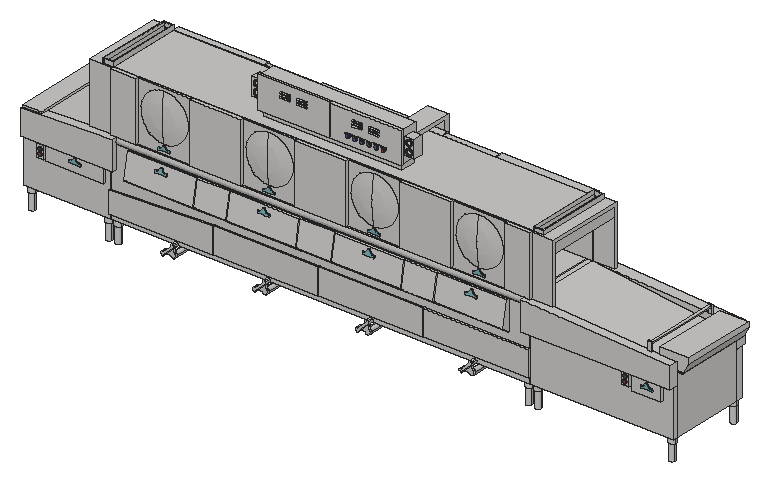
Revit family
Parameters (values of type "208/60/3")
  Weight in Pounds = 0
  Watts = 75000 W
  Waste Water Discharge Temperature [instance] = -459.67 °F
  Volts = 208 V
  Ventilation Remarks [instance] = ""
  Unload Ventilation Remarks [instance] = ""
  Unload Section Width [instance] = if(Custom Unload Width > 5' 0", Custom Unload Width, 5' 0")  # 5' - 0"
  Unload Removable Cover [instance] = yes
  Unload Exhaust Volume = 1000 CFM
  Unload Exhaust Vent Width = 0' - 4"
  Unload Exhaust Vent Depth = 2' - 7 1/4"
  Unload Exhaust Static Press [instance] = 0.00 in-wg
  Unload Exhaust RI Height [instance] = 0' - 0"
  Unload Exhaust Item Number [instance] = "-"
  Unload End Drain [instance] = no
  URL Cutsheet = ""
  URL = "www.stero.com"
  Swing Doors [instance] = no
  Status [instance] = ""
  Standard Doors [instance] = not(Swing Doors)  # yes
  Specification by User [instance] = ""
  Specification by Manufacturer [instance] = ""
  Serial Number [instance] = ""
  Seismic Rating [instance] = ""
  Revision Code [instance] = ""
  Power Wash Width = 3' - 8"  # constant formula
  Power Wash Door [instance] = if(Swing Doors, 3' 0", 1' 10 1/2")  # 1' - 10 1/2"
  Power Scrapper Width = 3' - 8"  # constant formula
  Power Scrapper Door [instance] = if(Swing Doors, 3' 0", 1' 10 1/2")  # 1' - 10 1/2"
  Power Rinse Door [instance] = if(Swing Doors, 3' 0", 1' 10 1/2")  # 1' - 10 1/2"
  Plumbing Remarks [instance] = ""
  Plumbing Connection Type [instance] = ""
  Phase = 3
  ONOFF Switch [instance] = if([30 inch Load], 0' 0", 0' 6")  # 0' - 6"
  Number of Poles [instance] = 3
  No Booster Heater [instance] = not(Booster Heater)  # yes
  NAFEM Spec ID Number [instance] = ""
  Model = "STPCW-ER 176E"
  Masterspec [instance] = ""
  Manufacturer = "Stero"
  Load Section Width [instance] = if([30 inch Load], 2' 6 1/8", if([36 inch Load], 3' 0 1/8", if([48 inch Load], 4' 0 1/8", (Custom Load Width + 0' 0 1/8"))))  # 3' - 0 1/8"
  Load End Drain [instance] = not(Unload End Drain)  # yes
  Item Number [instance] = "-"
  Installed By [instance] = ""
  Indirect Waste Size = 2"
  Indirect Waste Flow [instance] = 0.00 GPM
  Indirect Waste Connection Type [instance] = ""
  Indirect Waste Connection Height = 0' - 7"
  Hot Water Temperature = 140 °F
  Hot Water Size = 1"
  Hot Water RI Height [instance] = 0' - 0"
  Hot Water Minimum Pressure = 20.00 psi
  Hot Water Maximum Pressure = 20.00 psi
  Hot Water Flow [instance] = 0.00 GPM
  Hot Water Consumption = 1.63 GPM
  Hot Water Connection Height = 0' - 6"
  HP = "12"
  Furnished By [instance] = ""
  Foodservice Equipment Identifier [instance] = yes
  Final Rinse Width = 3' - 8"  # constant formula
  Final Rinse 2 Width = 3' - 8"  # constant formula
  Feeder Line 3 = no
  Feeder Line 2 = no
  FL Amps = 182.1 A
  F3 Watts = 0 W
  F3 Volts = 208 V
  F3 Phase = 3
  F3 Number of Poles [instance] = 3
  F3 Item Number [instance] = "-"
  F3 FL Amps = 0 A
  F3 Electrical Remarks [instance] = ""
  F3 Electric Connection Type [instance] = ""
  F3 Elec Conn RI Height [instance] = 0' - 0"
  F3 Elec Conn Connection Height = Elec Conn Connection Height  # 6' - 6"
  F3 Cycle = Cycle  # 60 Hz
  F3 Conn Conduit = yes
  F3 Apparent Power = if(F3 Phase = 3, F3 Volts * F3 FL Amps * 1.73, F3 Volts * F3 FL Amps)  # 0 VA
  F2 Watts = 0 W
  F2 Volts = 208 V
  F2 Phase = 3
  F2 Number of Poles [instance] = 3
  F2 Item Number [instance] = "-"
  F2 FL Amps = 0 A
  F2 Electrical Remarks [instance] = ""
  F2 Electric Connection Type [instance] = ""
  F2 Elec Conn RI Height [instance] = 0' - 0"
  F2 Elec Conn Connection Height = Elec Conn Connection Height  # 6' - 6"
  F2 Cycle = Cycle  # 60 Hz
  F2 Conn Conduit = yes
  F2 Apparent Power = if(F2 Phase = 3, F2 Volts * F2 FL Amps * 1.73, F2 Volts * F2 FL Amps)  # 0 VA
  Exhaust Volume = 500 CFM
  Exhaust Vent Width = 0' - 4"
  Exhaust Vent Depth = 2' - 7 1/4"
  Exhaust Static Press [instance] = 0.00 in-wg
  Exhaust RI Height [instance] = 0' - 0"
  Electrical Remarks [instance] = ""
  Electric Connection Type [instance] = ""
  Elec Conn RI Height [instance] = 0' - 0"
  Elec Conn Connection Height = 6' - 6"
  Description = "Flight Type Dishwasher"
  Depth = 3' - 6"
  Cycle = 60 Hz
  Custom Unload Width [instance] = 5' - 0"
  Custom Load Width [instance] = 4' - 6"
  Conn Conduit = yes
  Cold Water Temperature Recommended [instance] = -459.67 °F
  Cold Water Size [instance] = if(Cold Water Aqua Stat, 0' 0 3/4", 0' 0")  # 0"
  Cold Water RI Height [instance] = 0' - 0"
  Cold Water Minimum Pressure [instance] = 0.00 psi
  Cold Water Maximum Pressure [instance] = 0.00 psi
  Cold Water Flow [instance] = 0.00 GPM
  Cold Water Consumption [instance] = ""
  Cold Water Connection Height [instance] = if(Cold Water Aqua Stat, 0' 6", 0' 0")  # 0' - 0"
  Cold Water Aqua Stat [instance] = no
  CSI MasterFormat = "11 48 13"
  Booster Watts = 24000 W
  Booster Volts = 208 V
  Booster Phase = 3
  Booster Number of Poles [instance] = 3
  Booster Item Number [instance] = "-"
  Booster Heater [instance] = no
  Booster FL Amps = 66.7 A
  Booster Electrical Remarks [instance] = ""
  Booster Electric Connection Type [instance] = ""
  Booster Elec Conn RI Height [instance] = 0' - 0"
  Booster Elec Conn Connection Height = 0' - 11"
  Booster Cycle = 60 Hz
  Booster Conn Conduit = yes
  Booster Apparent Power = if(Booster Phase = 3, Booster Volts * Booster FL Amps * 1.73, Booster Volts * Booster FL Amps)  # 24001.3 VA
  Boosted Plumbing Remarks [instance] = ""
  Boosted Hot Water Temperature = 180 °F
  Boosted Hot Water Size = 3/4"
  Boosted Hot Water RI Height [instance] = 0' - 0"
  Boosted Hot Water Minimum Pressure = 20.00 psi
  Boosted Hot Water Maximum Pressure = 20.00 psi
  Boosted Hot Water Flow [instance] = 0.00 GPM
  Boosted Hot Water Consumption = 1.63 GPM
  Boosted Hot Water Connection Height = 0' - 6"
  Boosted HW Item Number [instance] = "-"
  Assembly Code = "E1090320"
  Apparent Power = if(Phase = 3, Volts * FL Amps * 1.73, Volts * FL Amps)  # 65526.9 VA
  48 inch Load [instance] = no
  36 inch Load [instance] = yes
  30 inch Load [instance] = no
Reference planes (in)
  plane 1 "BACK": y = 0
  plane 2: z = 0
  plane 3 "LEFT": x = -21.27862
  plane 4 "RIGHT": x = 154.72138
  plane 5 "FRONT": y = -42
  plane 6 "Right of Power Scrapper": x = 22.72138
  plane 7 "Right of Power Wash": x = 66.72138
  plane 8 "Load Vent": x = -30.27862
  plane 9 "Unload Vent": x = 163.72138
  plane 10 "Top of Machine": z = 65.5
  plane 11 "Table Height": z = 34
  plane 12 "Bottom of Machine": z = 9
  plane 13 "Middle of Machine": z = 40.625
  plane 14 "Left of Bottom": x = -18.77862
  plane 15 "Right of Bottom": x = 152.22138
  plane 16: z = 38.125
  plane 17: z = 37.75
  plane 18: z = 24.5
  plane 19: z = 22.25
  plane 20: z = 11.5
  plane 21 "Back of Main Body": y = -3
  plane 22 "Front of Main Body": y = -39
  plane 23: x = 0.72138
  plane 24: x = 44.72138
  plane 25: x = 110.72138
  plane 26: x = 33.47138
  plane 27: x = 55.97138
  plane 28 "Front of Inside": y = -37.25
  plane 29 "Back of Inside": y = -6
  plane 30: x = -13.27862
  plane 31: x = 15.72138
  plane 32: x = 15.97138
  plane 33: x = 22.59638
  plane 34: x = 22.84638
  plane 35: x = 66.59638
  plane 36: x = 66.84638
  plane 37: z = 60.25
  plane 38: z = 67.25
  plane 39: x = -21.40362
  plane 40: x = -25.40362
  plane 41: x = 158.84638
  plane 42: x = 154.84638
  plane 43: x = -57.40362
  plane 44: x = -59.90362
  plane 45: x = -58.40362
  plane 46: x = -49.40362
  plane 47: z = 28.5
  plane 48: z = 28
  plane 49: z = 22
  plane 50: x = -47.40362
  plane 51: x = -23.40362
  plane 52: x = -48.40362
  plane 53: x = -51.40362
  plane 54: x = 214.72138
  plane 55: x = 215.72138
  plane 56: x = 217.22138
  plane 57: x = 219.72138
  plane 58: x = 207.72138
  plane 59: x = 203.72138
  plane 60: x = 210.22138
  plane 61: x = 198.22138
  plane 62: x = 196.72138
  plane 63: x = 193.72138
  plane 64: y = -32.5
  plane 65: y = -26.5
  plane 66: x = 37.72138
  plane 67: x = 95.72138
  plane 68: z = 68.5
  plane 69: z = 71.375
  plane 70: z = 78.625
  plane 71: z = 81.5
  plane 72: x = 66.72138
  plane 73: x = 66.59638
  plane 74: x = 66.84638
  plane 75: x = 36.72138
  plane 76: x = 96.72138
  plane 77: x = 100.72138
  plane 78: x = 32.72138
  plane 79 "Back of Elec Box": y = -26
  plane 80: y = -33
  plane 81 "Front of Panel": y = -34
  plane 82: z = 68.25
  plane 83: z = 81.25
  plane 84: x = 36.97138
  plane 85 "Right of Control Box": x = 96.47138
  plane 86 "Front of LR Panels": y = -32.25
  plane 87: y = -28.25
  plane 88 "Drain": z = 7
  plane 89 "Left Drain": x = -39.90362
  plane 90 "Right Drain": x = 207.72138
  plane 91 "Drain CL": y = -20.25
  plane 92 "Utilities": z = 6
  plane 93 "Cold Water": x = -31.27862
  plane 94 "Utility to Machine": y = -16.75
  plane 95 "Utilities Point of Connection": y = -8.5
  plane 96 "Building Hot Water": x = 190.72138
  plane 97: x = 33.72138
  plane 98: x = 44.65888
  plane 99: x = 44.78388
  plane 100: x = 55.72138
  plane 101: x = 46.15888
  plane 102: x = 43.28388
  plane 103 "Standard Door Clearance": z = 93.5
  plane 104: x = 178.72138
  plane 105: x = 88.72138
  plane 106: x = 132.72138
  plane 107: x = 77.47138
  plane 108: x = 99.97138
  plane 109: x = 77.72138
  plane 110: x = 88.65888
  plane 111: x = 88.78388
  plane 112: x = 99.72138
  plane 113: x = 90.15888
  plane 114: x = 87.28388
  plane 115: x = 110.59638
  plane 116: x = 110.84638
  plane 117: x = 121.47138
  plane 118: x = 143.97138
  plane 119: x = 121.72138
  plane 120: x = 132.65888
  plane 121: x = 132.78388
  plane 122: x = 143.72138
  plane 123: x = 134.15888
  plane 124: x = 131.28388
  plane 125: x = -10.52862
  plane 126: x = 11.97138
  plane 127: x = -10.27862
  plane 128: x = 0.65888
  plane 129: x = 0.78388
  plane 130: x = 11.72138
  plane 131: x = 2.15888
  plane 132: x = -0.71612
  plane 133: x = 16.47138
  plane 134: x = 38.97138
  plane 135: x = 91.47138
  plane 136: x = 113.97138
  plane 137: x = 29.72138
  plane 138: x = 58.72138
  plane 139: x = 73.72138
  plane 140: x = 102.72138
  plane 141: x = 116.72138
  plane 142: x = 145.72138
  plane 143: x = 29.47138
  plane 144: x = 58.97138
  plane 145: x = 102.97138
  plane 146: x = 73.47138
  plane 147: x = 116.47138
Forms (in)
  Extrusion 1, solid, material "QF_Finishes_Stainless Steel"
    sketch origin (0, -39, 0) x (1, 0, 0) y (0, 0, 1)
      loop
        line (-21.27862, 9) -> (154.72138, 9) -> (154.72138, 28.5) -> (152.22138, 28.5) -> (152.22138, 38.125) -> (-18.77862, 38.125) -> (-18.77862, 28.5) -> (-21.27862, 28.5) -> (-21.27862, 9)
    from 0 to -36
  Extrusion 2, solid, material "QF_Finishes_Stainless Steel"
    sketch origin (-18.77862, 0, 0) x (0, 1, 0) y (0, 0, 1)
      loop
        line (-3, 40.625) -> (-39, 40.625)
        arc (-39, 40.625) -> (-39.43875, 39.375) -> (-39, 38.125) r 2
        line (-39, 38.125) -> (-3, 38.125) -> (-3, 40.625)
    from 0 to 171
  Extrusion 3, solid, material "QF_Finishes_Stainless Steel"
    sketch origin (0, 0, 65.5) x (0, 1, 0) y (-1, 0, 0)
      loop
        line (-37.25, 21.27862) -> (-39, 21.27862) -> (-39, 10.52862) -> (-37.25, 10.52862) -> (-37.25, 21.27862)
    from 0 to -24.875
  Extrusion 4, solid, material "QF_Finishes_Stainless Steel"
    sketch origin (0, 0, 65.5) x (0, 1, 0) y (-1, 0, 0)
      loop
        line (-37.25, -11.97138) -> (-39, -11.97138) -> (-39, -33.47138) -> (-37.25, -33.47138) -> (-37.25, -11.97138)
    from 0 to -24.875
  Extrusion 5, solid, material "QF_Finishes_Stainless Steel"
    sketch origin (0, 0, 65.5) x (0, 1, 0) y (-1, 0, 0)
      loop
        line (-37.25, -55.97138) -> (-39, -55.97138) -> (-39, -77.47138) -> (-37.25, -77.47138) -> (-37.25, -55.97138)
    from 0 to -24.875
  Extrusion 6, solid, material "QF_Finishes_Stainless Steel"
    sketch origin (0, 0, 65.5) x (0, 1, 0) y (-1, 0, 0)
      loop
        line (-37.25, -143.97138) -> (-39, -143.97138) -> (-39, -154.72138) -> (-37.25, -154.72138) -> (-37.25, -143.97138)
    from 0 to -24.875
  Extrusion 7, solid, material "QF_Finishes_Stainless Steel"
    sketch origin (0, 0, 65.5) x (0, 1, 0) y (-1, 0, 0)
      loop
        line (-3, 21.27862) -> (-6, 21.27862) -> (-6, -16.47138) -> (-3, -16.47138) -> (-3, 21.27862)
    from 0 to -24.875
  Extrusion 8, solid, material "QF_Finishes_Stainless Steel"
    sketch origin (0, 0, 65.5) x (0, 1, 0) y (-1, 0, 0)
      loop
        line (-3, -113.97138) -> (-6, -113.97138) -> (-6, -154.72138) -> (-3, -154.72138) -> (-3, -113.97138)
    from 0 to -24.875
  Extrusion 9, solid, material "QF_Finishes_Stainless Steel"
    sketch origin (0, 0, 65.5) x (0, 1, 0) y (-1, 0, 0)
      loop
        line (-37.25, -33.47138) -> (-38.25, -33.47138) -> (-38.25, -55.97138) -> (-37.25, -55.97138) -> (-37.25, -33.47138)
    from 0 to -24.875
  Revolve 10, solid, material "QF_Finishes_Stainless Steel", visible <- "Standard Doors"
    sketch origin (44.72138, 87.64484, 48) x (0, 1, 0) y (0, 0, 1)
      loop
        line (-125.89484, 6.49826) -> (-125.89484, 16.49826)
        arc (-125.89484, 16.49826) -> (-126.65727, 11.52451) -> (-126.89484, 6.49826) r 48
        line (-126.89484, 6.49826) -> (-125.89484, 6.49826)
      axis (-125.89484, 6.49826) -> (-126.89484, 6.49826)
    angle from 0 to 360
  Extrusion 11, solid, material "QF_Finishes_Stainless Steel"
    sketch origin (-18.77862, 0, 0) x (0, 1, 0) y (0, 0, 1)
      loop
        line (-39, 37.75) -> (-40, 37.75) -> (-42, 27.5) -> (-39, 25.1875) -> (-39, 37.75)
    from 5.5 to 34.5
  Extrusion 12, solid, material "QF_Finishes_Stainless Steel"
    sketch origin (4.47138, 0, 0) x (0, 1, 0) y (0, 0, 1)
      loop
        line (-39, 37.75) -> (-40, 37.75) -> (-42, 27.5) -> (-39, 25.1875) -> (-39, 37.75)
    from 11.5 to 25
  Extrusion 13, solid, material "QF_Finishes_Stainless Steel"
    sketch origin (9.22138, 0, 0) x (0, 1, 0) y (0, 0, 1)
      loop
        line (-39, 37.75) -> (-40, 37.75) -> (-42, 27.5) -> (-39, 25.1875) -> (-39, 37.75)
    from 20.47828 to 49.5
  Extrusion 14, solid, material "QF_Finishes_Stainless Steel"
    sketch origin (33.47138, 0, 0) x (0, 1, 0) y (0, 0, 1)
      loop
        line (-39, 37.75) -> (-40, 37.75) -> (-42, 27.5) -> (-39, 25.1875) -> (-39, 37.75)
    from 25.5 to 40.0625
  Extrusion 15, solid, material "QF_Finishes_Stainless Steel"
    sketch origin (38.47138, 0, 0) x (0, 1, 0) y (0, 0, 1)
      loop
        line (-39, 37.75) -> (-40, 37.75) -> (-42, 27.5) -> (-39, 25.1875) -> (-39, 37.75)
    from 35.25 to 64.25
  Extrusion 16, solid, material "QF_Finishes_Stainless Steel"
    sketch origin (0, -39, 0) x (1, 0, 0) y (0, 0, 1)
      loop
        line (-21.27862, 11.5) -> (22.59638, 11.5) -> (22.59638, 22.25) -> (-21.27862, 20.375) -> (-21.27862, 11.5)
    from 0 to 1
  Extrusion 17, solid, material "QF_Finishes_Stainless Steel"
    sketch origin (0, -39, 0) x (1, 0, 0) y (0, 0, 1)
      loop
        line (22.84638, 22.25) -> (22.84638, 11.5) -> (66.59638, 11.5) -> (66.59638, 22.25) -> (22.84638, 22.25)
    from 0 to 1
  Extrusion 18, solid, material "QF_Finishes_Stainless Steel"
    sketch origin (0, -39, 0) x (1, 0, 0) y (0, 0, 1)
      loop
        line (66.84638, 22.25) -> (66.84638, 11.5) -> (110.59638, 11.5) -> (110.59638, 22.25) -> (66.84638, 22.25)
    from 0 to 1
  Extrusion 19, solid, material "QF_Finishes_Stainless Steel"
    sketch origin (0, 0, 65.5) x (0, 1, 0) y (-1, 0, 0)
      loop
        line (-6, 21.27862) -> (-37.25, 21.27862) -> (-37.25, -154.72138) -> (-6, -154.72138) -> (-6, 21.27862)
    from 0 to -5.25
  Extrusion 20, solid, material "QF_Finishes_Stainless Steel"
    sketch origin (-21.27862, 0, 0) x (0, 1, 0) y (0, 0, 1)
      loop
        line (-5, 65.5) -> (-38.25, 65.5) -> (-38.25, 40.625) -> (-37.25, 40.625) -> (-37.25, 64.125) -> (-6, 64.125) -> (-6, 40.625) -> (-5, 40.625) -> (-5, 65.5)
    from 0 to -9
  Extrusion 21, solid, material "QF_Finishes_Stainless Steel"
    sketch origin (0, 0, 65.5) x (0, 1, 0) y (-1, 0, 0)
      loop
        line (-6, 25.40362) -> (-37.25, 25.40362) -> (-37.25, 21.40362) -> (-6, 21.40362) -> (-6, 25.40362)
      loop
        line (-5.875, 25.52862) -> (-37.375, 25.52862) -> (-37.375, 21.27862) -> (-5.875, 21.27862) -> (-5.875, 25.52862)
    from 0 to 1.75
  Extrusion 22, solid, material "QF_Finishes_Stainless Steel"
    sketch origin (-30.27862, 0, 0) x (0, 1, 0) y (0, 0, 1)
      loop
        line (-6, 64.125) -> (-37.25, 64.125) -> (-37.25, 60.25) -> (-6, 60.25) -> (-6, 64.125)
    from 0 to 1
  Extrusion 23, void
    sketch origin (0, 0, 65.5) x (0, 1, 0) y (-1, 0, 0)
      loop
        line (-6, 25.40362) -> (-37.25, 25.40362) -> (-37.25, 21.40362) -> (-6, 21.40362) -> (-6, 25.40362)
    from 0 to -1.375
  Extrusion 24, solid, material "QF_Finishes_Stainless Steel"
    sketch origin (154.72138, 0, 0) x (0, 1, 0) y (0, 0, 1)
      loop
        line (-5, 40.625) -> (-5, 65.5) -> (-38.25, 65.5) -> (-38.25, 40.625) -> (-37.25, 40.625) -> (-37.25, 64.125) -> (-6, 64.125) -> (-6, 40.625) -> (-5, 40.625)
    from 0 to 9
  Extrusion 25, solid, material "QF_Finishes_Stainless Steel"
    sketch origin (53.44275, 0, 65.5) x (0, 1, 0) y (-1, 0, 0)
      loop
        line (-6, -105.40362) -> (-6, -101.40362) -> (-37.25, -101.40362) -> (-37.25, -105.40362) -> (-6, -105.40362)
      loop
        line (-5.875, -105.52862) -> (-5.875, -101.27862) -> (-37.375, -101.27862) -> (-37.375, -105.52862) -> (-5.875, -105.52862)
    from 0 to 1.75
  Extrusion 26, solid, material "QF_Finishes_Stainless Steel"
    sketch origin (163.72138, 0, 0) x (0, 1, 0) y (0, 0, 1)
      loop
        line (-6, 64.125) -> (-37.25, 64.125) -> (-37.25, 60.25) -> (-6, 60.25) -> (-6, 64.125)
    from 0 to -1
  Extrusion 27, void
    sketch origin (0, 0, 65.5) x (0, 1, 0) y (-1, 0, 0)
      loop
        line (-37.25, -158.84638) -> (-6, -158.84638) -> (-6, -154.84638) -> (-37.25, -154.84638) -> (-37.25, -158.84638)
    from 0 to -1.375
  Extrusion 28, solid, material "QF_Finishes_Light Blue"
    sketch origin (39.64366, -47.17361, 4.34597) x (-1, 0, 0) y (0, 0.195946, 0.980615)
      loop
        line (-47.97691, 30.65632) -> (-46.34507, 30.57309)
        arc (-46.34507, 30.57309) -> (-46.16488, 30.64773) -> (-46.09025, 30.82792) r 0.25483
        line (-46.09025, 30.82792) -> (-46.09025, 31.31285)
        arc (-46.09025, 31.31285) -> (-46.16389, 31.49062) -> (-46.34166, 31.56426) r 0.25142
        arc (-46.34166, 31.56426) -> (-47.48639, 31.7803) -> (-48.16357, 32.72819) r 1.56264
        arc (-48.16357, 32.72819) -> (-48.57772, 33.06213) -> (-49.00787, 32.74907) r 0.43733
        arc (-49.00787, 32.74907) -> (-49.68095, 31.78611) -> (-50.83469, 31.56426) r 1.56264
        arc (-50.83469, 31.56426) -> (-51.01247, 31.49062) -> (-51.08611, 31.31285) r 0.25142
        line (-51.08611, 31.31285) -> (-51.08611, 30.82792)
        arc (-51.08611, 30.82792) -> (-51.01147, 30.64773) -> (-50.83128, 30.57309) r 0.25483
        line (-50.83128, 30.57309) -> (-49.19944, 30.65632)
        arc (-49.19944, 30.65632) -> (-48.58818, 30.6719) -> (-47.97691, 30.65632) r 12
      loop
        line (-3.96605, 30.65632) -> (-2.33421, 30.57309)
        arc (-2.33421, 30.57309) -> (-2.15402, 30.64773) -> (-2.07939, 30.82792) r 0.25483
        line (-2.07939, 30.82792) -> (-2.07939, 31.31285)
        arc (-2.07939, 31.31285) -> (-2.15302, 31.49062) -> (-2.3308, 31.56426) r 0.25142
        arc (-2.3308, 31.56426) -> (-3.47553, 31.7803) -> (-4.1527, 32.72819) r 1.56264
        arc (-4.1527, 32.72819) -> (-4.56686, 33.06213) -> (-4.997, 32.74907) r 0.43733
        arc (-4.997, 32.74907) -> (-5.67009, 31.78611) -> (-6.82383, 31.56426) r 1.56264
        arc (-6.82383, 31.56426) -> (-7.00161, 31.49062) -> (-7.07524, 31.31285) r 0.25142
        line (-7.07524, 31.31285) -> (-7.07524, 30.82792)
        arc (-7.07524, 30.82792) -> (-7.00061, 30.64773) -> (-6.82042, 30.57309) r 0.25483
        line (-6.82042, 30.57309) -> (-5.18858, 30.65632)
        arc (-5.18858, 30.65632) -> (-4.57732, 30.6719) -> (-3.96605, 30.65632) r 12
      loop
        line (39.0339, 30.65632) -> (40.66574, 30.57309)
        arc (40.66574, 30.57309) -> (40.84592, 30.64773) -> (40.92056, 30.82792) r 0.25483
        line (40.92056, 30.82792) -> (40.92056, 31.31285)
        arc (40.92056, 31.31285) -> (40.84692, 31.49062) -> (40.66915, 31.56426) r 0.25142
        arc (40.66915, 31.56426) -> (39.52442, 31.7803) -> (38.84724, 32.72819) r 1.56264
        arc (38.84724, 32.72819) -> (38.43309, 33.06213) -> (38.00294, 32.74907) r 0.43733
        arc (38.00294, 32.74907) -> (37.32986, 31.78611) -> (36.17612, 31.56426) r 1.56264
        arc (36.17612, 31.56426) -> (35.99834, 31.49062) -> (35.9247, 31.31285) r 0.25142
        line (35.9247, 31.31285) -> (35.9247, 30.82792)
        arc (35.9247, 30.82792) -> (35.99934, 30.64773) -> (36.17953, 30.57309) r 0.25483
        line (36.17953, 30.57309) -> (37.81137, 30.65632)
        arc (37.81137, 30.65632) -> (38.42263, 30.6719) -> (39.0339, 30.65632) r 12
      loop
        line (-90.97691, 30.65632) -> (-89.34507, 30.57309)
        arc (-89.34507, 30.57309) -> (-89.16488, 30.64773) -> (-89.09025, 30.82792) r 0.25483
        line (-89.09025, 30.82792) -> (-89.09025, 31.31285)
        arc (-89.09025, 31.31285) -> (-89.16389, 31.49062) -> (-89.34166, 31.56426) r 0.25142
        arc (-89.34166, 31.56426) -> (-90.48639, 31.7803) -> (-91.16357, 32.72819) r 1.56264
        arc (-91.16357, 32.72819) -> (-91.57772, 33.06213) -> (-92.00787, 32.74907) r 0.43733
        arc (-92.00787, 32.74907) -> (-92.68095, 31.78611) -> (-93.83469, 31.56426) r 1.56264
        arc (-93.83469, 31.56426) -> (-94.01247, 31.49062) -> (-94.08611, 31.31285) r 0.25142
        line (-94.08611, 31.31285) -> (-94.08611, 30.82792)
        arc (-94.08611, 30.82792) -> (-94.01147, 30.64773) -> (-93.83128, 30.57309) r 0.25483
        line (-93.83128, 30.57309) -> (-92.19944, 30.65632)
        arc (-92.19944, 30.65632) -> (-91.58818, 30.6719) -> (-90.97691, 30.65632) r 12
    from 0.5 to 0.4375
  Extrusion 29, solid, material "QF_Finishes_Stainless Steel", not visible
    sketch origin (-17.77862, 0, 0) x (0, 1, 0) y (0, 0, 1)
      loop
        line (-39, 37.75) -> (-40, 37.75) -> (-42, 27.5) -> (-39, 25.1875) -> (-39, 37.75)
    from 5.5 to 34.5
  Extrusion 30, solid, material "QF_Finishes_Stainless Steel", not visible
    sketch origin (5.47138, 0, 0) x (0, 1, 0) y (0, 0, 1)
      loop
        line (-39, 37.75) -> (-40, 37.75) -> (-42, 27.5) -> (-39, 25.1875) -> (-39, 37.75)
    from 11.5 to 25
  Extrusion 31, solid, material "QF_Finishes_Stainless Steel", not visible
    sketch origin (10.22138, 0, 0) x (0, 1, 0) y (0, 0, 1)
      loop
        line (-39, 37.75) -> (-40, 37.75) -> (-42, 27.5) -> (-39, 25.1875) -> (-39, 37.75)
    from 20.47828 to 49.5
  Extrusion 32, solid, material "QF_Finishes_Stainless Steel", not visible
    sketch origin (34.47138, 0, 0) x (0, 1, 0) y (0, 0, 1)
      loop
        line (-39, 37.75) -> (-40, 37.75) -> (-42, 27.5) -> (-39, 25.1875) -> (-39, 37.75)
    from 25.5 to 40.0625
  Extrusion 33, solid, material "QF_Finishes_Stainless Steel", not visible
    sketch origin (39.47138, 0, 0) x (0, 1, 0) y (0, 0, 1)
      loop
        line (-39, 37.75) -> (-40, 37.75) -> (-42, 27.5) -> (-39, 25.1875) -> (-39, 37.75)
    from 35.25 to 64.25
  Extrusion 34, solid, material "QF_Finishes_Light Blue", not visible
    sketch origin (40.64366, -47.17361, 4.34597) x (-1, 0, 0) y (0, 0.195946, 0.980615)
      loop
        line (-47.97691, 30.65632) -> (-46.34507, 30.57309)
        arc (-46.34507, 30.57309) -> (-46.16488, 30.64773) -> (-46.09025, 30.82792) r 0.25483
        line (-46.09025, 30.82792) -> (-46.09025, 31.31285)
        arc (-46.09025, 31.31285) -> (-46.16389, 31.49062) -> (-46.34166, 31.56426) r 0.25142
        arc (-46.34166, 31.56426) -> (-47.48639, 31.7803) -> (-48.16357, 32.72819) r 1.56264
        arc (-48.16357, 32.72819) -> (-48.57772, 33.06213) -> (-49.00787, 32.74907) r 0.43733
        arc (-49.00787, 32.74907) -> (-49.68095, 31.78611) -> (-50.83469, 31.56426) r 1.56264
        arc (-50.83469, 31.56426) -> (-51.01247, 31.49062) -> (-51.08611, 31.31285) r 0.25142
        line (-51.08611, 31.31285) -> (-51.08611, 30.82792)
        arc (-51.08611, 30.82792) -> (-51.01147, 30.64773) -> (-50.83128, 30.57309) r 0.25483
        line (-50.83128, 30.57309) -> (-49.19944, 30.65632)
        arc (-49.19944, 30.65632) -> (-48.58818, 30.6719) -> (-47.97691, 30.65632) r 12
      loop
        line (-3.96605, 30.65632) -> (-2.33421, 30.57309)
        arc (-2.33421, 30.57309) -> (-2.15402, 30.64773) -> (-2.07939, 30.82792) r 0.25483
        line (-2.07939, 30.82792) -> (-2.07939, 31.31285)
        arc (-2.07939, 31.31285) -> (-2.15302, 31.49062) -> (-2.3308, 31.56426) r 0.25142
        arc (-2.3308, 31.56426) -> (-3.47553, 31.7803) -> (-4.1527, 32.72819) r 1.56264
        arc (-4.1527, 32.72819) -> (-4.56686, 33.06213) -> (-4.997, 32.74907) r 0.43733
        arc (-4.997, 32.74907) -> (-5.67009, 31.78611) -> (-6.82383, 31.56426) r 1.56264
        arc (-6.82383, 31.56426) -> (-7.00161, 31.49062) -> (-7.07524, 31.31285) r 0.25142
        line (-7.07524, 31.31285) -> (-7.07524, 30.82792)
        arc (-7.07524, 30.82792) -> (-7.00061, 30.64773) -> (-6.82042, 30.57309) r 0.25483
        line (-6.82042, 30.57309) -> (-5.18858, 30.65632)
        arc (-5.18858, 30.65632) -> (-4.57732, 30.6719) -> (-3.96605, 30.65632) r 12
      loop
        line (39.0339, 30.65632) -> (40.66574, 30.57309)
        arc (40.66574, 30.57309) -> (40.84592, 30.64773) -> (40.92056, 30.82792) r 0.25483
        line (40.92056, 30.82792) -> (40.92056, 31.31285)
        arc (40.92056, 31.31285) -> (40.84692, 31.49062) -> (40.66915, 31.56426) r 0.25142
        arc (40.66915, 31.56426) -> (39.52442, 31.7803) -> (38.84724, 32.72819) r 1.56264
        arc (38.84724, 32.72819) -> (38.43309, 33.06213) -> (38.00294, 32.74907) r 0.43733
        arc (38.00294, 32.74907) -> (37.32986, 31.78611) -> (36.17612, 31.56426) r 1.56264
        arc (36.17612, 31.56426) -> (35.99834, 31.49062) -> (35.9247, 31.31285) r 0.25142
        line (35.9247, 31.31285) -> (35.9247, 30.82792)
        arc (35.9247, 30.82792) -> (35.99934, 30.64773) -> (36.17953, 30.57309) r 0.25483
        line (36.17953, 30.57309) -> (37.81137, 30.65632)
        arc (37.81137, 30.65632) -> (38.42263, 30.6719) -> (39.0339, 30.65632) r 12
      loop
        line (-90.97691, 30.65632) -> (-89.34507, 30.57309)
        arc (-89.34507, 30.57309) -> (-89.16488, 30.64773) -> (-89.09025, 30.82792) r 0.25483
        line (-89.09025, 30.82792) -> (-89.09025, 31.31285)
        arc (-89.09025, 31.31285) -> (-89.16389, 31.49062) -> (-89.34166, 31.56426) r 0.25142
        arc (-89.34166, 31.56426) -> (-90.48639, 31.7803) -> (-91.16357, 32.72819) r 1.56264
        arc (-91.16357, 32.72819) -> (-91.57772, 33.06213) -> (-92.00787, 32.74907) r 0.43733
        arc (-92.00787, 32.74907) -> (-92.68095, 31.78611) -> (-93.83469, 31.56426) r 1.56264
        arc (-93.83469, 31.56426) -> (-94.01247, 31.49062) -> (-94.08611, 31.31285) r 0.25142
        line (-94.08611, 31.31285) -> (-94.08611, 30.82792)
        arc (-94.08611, 30.82792) -> (-94.01147, 30.64773) -> (-93.83128, 30.57309) r 0.25483
        line (-93.83128, 30.57309) -> (-92.19944, 30.65632)
        arc (-92.19944, 30.65632) -> (-91.58818, 30.6719) -> (-90.97691, 30.65632) r 12
    from 0.5 to 0.4375
  Extrusion 35, solid, material "QF_Finishes_Stainless Steel"
    sketch origin (0, -37.25, 0) x (1, 0, 0) y (0, 0, 1)
      loop
        line (-57.40362, 28.5) -> (-18.77862, 28.5) -> (-18.77862, 40.625) -> (-57.40362, 38.75) -> (-57.40362, 28.5)
    from 0 to 3.75
  Extrusion 36, solid, material "QF_Finishes_Stainless Steel"
    sketch origin (0, -6, 0) x (1, 0, 0) y (0, 0, 1)
      loop
        line (-57.40362, 28.5) -> (-18.77862, 28.5) -> (-18.77862, 40.625) -> (-57.40362, 38.75) -> (-57.40362, 28.5)
    from 0 to -4.5
  Extrusion 37, solid, material "QF_Finishes_Stainless Steel"
    sketch origin (0, -6, 0) x (1, 0, 0) y (0, 0, 1)
      loop
        line (-57.40362, 34) -> (-59.90362, 34) -> (-59.90362, 33.875) -> (-57.40362, 33.875) -> (-57.40362, 34)
    from 0 to 31.25
  Extrusion 38, solid, material "QF_Finishes_Stainless Steel"
    sketch origin (0, -6, 0) x (1, 0, 0) y (0, 0, 1)
      loop
        line (-57.40362, 33.875) -> (-58.40362, 33.875) -> (-58.40362, 32.5) -> (-57.40362, 32.5) -> (-57.40362, 33.875)
    from 3.5 to 29.25
  Extrusion 39, solid, material "QF_Finishes_Stainless Steel"
    sketch origin (0, -6, 0) x (1, 0, 0) y (0, 0, 1)
      loop
        line (-57.40362, 32) -> (-58.40362, 32) -> (-58.40362, 28) -> (-57.40362, 28) -> (-57.40362, 32)
    from 3.5 to 29.25
  Extrusion 40, solid, material "QF_Finishes_Stainless Steel"
    sketch origin (0, -6, 0) x (1, 0, 0) y (0, 0, 1)
      loop
        line (-18.77862, 40.625) -> (-21.27862, 40.625) -> (-57.40362, 34) -> (-57.40362, 9) -> (-21.27862, 9) -> (-21.27862, 28.5) -> (-18.77862, 28.5) -> (-18.77862, 40.625)
    from 0 to 31.25
  Extrusion 41, solid, material "QF_Finishes_Stainless Steel"
    sketch origin (0, -6, 0) x (1, 0, 0) y (0, 0, 1)
      loop
        line (-57.40362, 38.75) -> (-49.40362, 39.13835) -> (-49.40362, 39.88923) -> (-57.40362, 39.50088) -> (-57.40362, 38.75)
    from -2.625 to 33.875
  Extrusion 42, solid, material "QF_Finishes_Stainless Steel"
    sketch origin (0, -37.25, 0) x (1, 0, 0) y (0, 0, 1)
      loop
        line (-57.40362, 9) -> (-21.27862, 9) -> (-21.27862, 28.5) -> (-57.40362, 28.5) -> (-57.40362, 9)
    from 0 to 1.75
  Extrusion 43, solid, material "QF_Finishes_Stainless Steel"
    sketch origin (0, -6, 0) x (1, 0, 0) y (0, 0, 1)
      loop
        line (-57.40362, 28.5) -> (-57.40362, 9) -> (-21.27862, 9) -> (-21.27862, 28.5) -> (-57.40362, 28.5)
    from 0 to -3
  Extrusion 44, solid, material "QF_Finishes_Stainless Steel"
    sketch origin (0, -37.25, 0) x (1, 0, 0) y (0, 0, 1)
      loop
        line (-47.40362, 28) -> (-47.40362, 22) -> (-23.40362, 22) -> (-23.40362, 28) -> (-47.40362, 28)
    from 1.75 to 2.75
  Extrusion 45, solid, material "QF_Finishes_Light Blue"
    sketch origin (-63.60634, -40.5, -5.56213) x (-1, 0, 0) y (0, 0, 1)
      loop
        line (-27.5911, 30.65632) -> (-25.95926, 30.57309)
        arc (-25.95926, 30.57309) -> (-25.77908, 30.64773) -> (-25.70444, 30.82792) r 0.25483
        line (-25.70444, 30.82792) -> (-25.70444, 31.31285)
        arc (-25.70444, 31.31285) -> (-25.77808, 31.49062) -> (-25.95585, 31.56426) r 0.25142
        arc (-25.95585, 31.56426) -> (-27.10058, 31.7803) -> (-27.77776, 32.72819) r 1.56264
        arc (-27.77776, 32.72819) -> (-28.19191, 33.06213) -> (-28.62206, 32.74907) r 0.43733
        arc (-28.62206, 32.74907) -> (-29.29514, 31.78611) -> (-30.44888, 31.56426) r 1.56264
        arc (-30.44888, 31.56426) -> (-30.62666, 31.49062) -> (-30.7003, 31.31285) r 0.25142
        line (-30.7003, 31.31285) -> (-30.7003, 30.82792)
        arc (-30.7003, 30.82792) -> (-30.62566, 30.64773) -> (-30.44547, 30.57309) r 0.25483
        line (-30.44547, 30.57309) -> (-28.81363, 30.65632)
        arc (-28.81363, 30.65632) -> (-28.20237, 30.6719) -> (-27.5911, 30.65632) r 12
    from 0.5 to 0.4375
  Extrusion 46, solid, material "QF_Finishes_Stainless Steel"
    sketch origin (0, -37.25, 0) x (1, 0, 0) y (0, 0, 1)
      loop
        line (-48.40362, 22.25) -> (-48.40362, 27.25) -> (-51.40362, 27.25) -> (-51.40362, 22.25) -> (-48.40362, 22.25)
    from 1.75 to 2.75
  Extrusion 47, solid, material "QF_Finishes_Black"
    sketch origin (0, -37.25, 0) x (1, 0, 0) y (0, 0, 1)
      loop
        circle (-49.90362, 25.75) r 0.75
    from 2.75 to 2.8125
  Extrusion 48, solid, material "QF_Finishes_LED Red"
    sketch origin (0, -37.25, -2) x (1, 0, 0) y (0, 0, 1)
      loop
        circle (-49.90362, 25.75) r 0.75
    from 2.75 to 2.8125
  Extrusion 49, solid, material "QF_Finishes_Stainless Steel"
    sketch origin (101.31775, -37.25, 0) x (-1, 0, 0) y (0, 0, -1)
      loop
        line (-113.40362, -28.5) -> (-113.40362, -37.5) -> (-50.90362, -40.625) -> (-50.90362, -28.5) -> (-113.40362, -28.5)
    from 0 to 3.75
  Extrusion 50, solid, material "QF_Finishes_Stainless Steel"
    sketch origin (101.31775, -6, 0) x (-1, 0, 0) y (0, 0, -1)
      loop
        line (-113.40362, -28.5) -> (-113.40362, -37.5) -> (-50.90362, -40.625) -> (-50.90362, -28.5) -> (-113.40362, -28.5)
    from 0 to -4.5
  Extrusion 51, solid, material "QF_Finishes_Stainless Steel"
    sketch origin (101.31775, -6, 0) x (-1, 0, 0) y (0, 0, -1)
      loop
        line (-113.40362, -34) -> (-113.40362, -33.875) -> (-115.90362, -33.875) -> (-115.90362, -34) -> (-113.40362, -34)
    from 0 to 31.25
  Extrusion 52, solid, material "QF_Finishes_Stainless Steel"
    sketch origin (101.31775, -6, 0) x (-1, 0, 0) y (0, 0, -1)
      loop
        line (-113.40362, -33.875) -> (-113.40362, -32.5) -> (-114.40362, -32.5) -> (-114.40362, -33.875) -> (-113.40362, -33.875)
    from 3.5 to 29.25
  Extrusion 53, solid, material "QF_Finishes_Stainless Steel"
    sketch origin (101.31775, -6, 0) x (-1, 0, 0) y (0, 0, -1)
      loop
        line (-50.90362, -40.625) -> (-50.90362, -28.5) -> (-53.40362, -28.5) -> (-53.40362, -9) -> (-113.40362, -9) -> (-113.40362, -34) -> (-53.40362, -40.625) -> (-50.90362, -40.625)
    from 0 to 31.25
  Extrusion 54, solid, material "QF_Finishes_Stainless Steel"
    sketch origin (101.31775, -37.25, 0) x (-1, 0, 0) y (0, 0, -1)
      loop
        line (-113.40362, -9) -> (-113.40362, -28.5) -> (-53.40362, -28.5) -> (-53.40362, -9) -> (-113.40362, -9)
    from 0 to 1.75
  Extrusion 55, solid, material "QF_Finishes_Stainless Steel"
    sketch origin (101.31775, -6, 0) x (-1, 0, 0) y (0, 0, -1)
      loop
        line (-113.40362, -28.5) -> (-53.40362, -28.5) -> (-53.40362, -9) -> (-113.40362, -9) -> (-113.40362, -28.5)
    from 0 to -3
  Extrusion 56, solid, material "QF_Finishes_Stainless Steel", visible <- "Unload Removable Cover"
    sketch origin (0, -6, 0) x (1, 0, 0) y (0, 0, 1)
      loop
        line (219.72138, 40.625) -> (207.72138, 40.625) -> (207.72138, 34.5) -> (217.72138, 34.5) -> (219.72138, 38.125) -> (219.72138, 40.625)
    from 0 to 31.25
  Extrusion 57, solid, material "QF_Finishes_Stainless Steel"
    sketch origin (0, -6, 0) x (1, 0, 0) y (0, 0, 1)
      loop
        line (204.47138, 41.5) -> (202.97138, 41.5) -> (202.97138, 38.0875) -> (204.47138, 38.0125) -> (204.47138, 41.5)
    from 0 to -0.5
  Extrusion 58, solid, material "QF_Finishes_Stainless Steel"
    sketch origin (0, -37.25, 0) x (1, 0, 0) y (0, 0, 1)
      loop
        line (202.97138, 41.5) -> (202.97138, 38.0875) -> (204.47138, 38.0125) -> (204.47138, 41.5) -> (202.97138, 41.5)
    from 0 to 0.5
  Extrusion 59, solid, material "QF_Finishes_Stainless Steel"
    sketch origin (0, -6, 0) x (1, 0, 0) y (0, 0, 1)
      loop
        circle (203.72138, 40.75) r 0.5
    from 0 to 31.25
  Extrusion 60, solid, material "QF_Finishes_Stainless Steel"
    sketch origin (0, -37.25, 0) x (1, 0, 0) y (0, 0, 1)
      loop
        line (198.22138, 28) -> (198.22138, 22) -> (210.22138, 22) -> (210.22138, 28) -> (198.22138, 28)
    from 1.75 to 2.75
  Extrusion 61, solid, material "QF_Finishes_Light Blue"
    sketch origin (120.01866, -40.5, -6.06213) x (-1, 0, 0) y (0, 0, 1)
      loop
        line (-83.5911, 30.65632) -> (-81.95926, 30.57309)
        arc (-81.95926, 30.57309) -> (-81.77908, 30.64773) -> (-81.70444, 30.82792) r 0.25483
        line (-81.70444, 30.82792) -> (-81.70444, 31.31285)
        arc (-81.70444, 31.31285) -> (-81.77808, 31.49062) -> (-81.95585, 31.56426) r 0.25142
        arc (-81.95585, 31.56426) -> (-83.10058, 31.7803) -> (-83.77776, 32.72819) r 1.56264
        arc (-83.77776, 32.72819) -> (-84.19191, 33.06213) -> (-84.62206, 32.74907) r 0.43733
        arc (-84.62206, 32.74907) -> (-85.29514, 31.78611) -> (-86.44888, 31.56426) r 1.56264
        arc (-86.44888, 31.56426) -> (-86.62666, 31.49062) -> (-86.7003, 31.31285) r 0.25142
        line (-86.7003, 31.31285) -> (-86.7003, 30.82792)
        arc (-86.7003, 30.82792) -> (-86.62566, 30.64773) -> (-86.44547, 30.57309) r 0.25483
        line (-86.44547, 30.57309) -> (-84.81363, 30.65632)
        arc (-84.81363, 30.65632) -> (-84.20237, 30.6719) -> (-83.5911, 30.65632) r 12
    from 0.5 to 0.4375
  Extrusion 62, solid, material "QF_Finishes_Stainless Steel"
    sketch origin (189.125, -37.25, 0.75) x (1, 0, 0) y (0, 0, 1)
      loop
        line (7.59638, 22.25) -> (7.59638, 27.25) -> (4.59638, 27.25) -> (4.59638, 22.25) -> (7.59638, 22.25)
    from 1.75 to 2.75
  Extrusion 63, solid, material "QF_Finishes_Black"
    sketch origin (189.125, -37.25, 0.75) x (1, 0, 0) y (0, 0, 1)
      loop
        circle (6.09638, 25.75) r 0.75
    from 2.75 to 2.8125
  Extrusion 64, solid, material "QF_Finishes_LED Red"
    sketch origin (189.125, -37.25, -1.25) x (1, 0, 0) y (0, 0, 1)
      loop
        circle (6.09638, 25.75) r 0.75
    from 2.75 to 2.8125
  Extrusion 65, solid, material "QF_Finishes_Stainless Steel"
    sketch origin (0, 0, 0) x (1, 0, 0) y (0, 1, 0)
      loop
        circle (-55.46612, -4.9375) r 1.1875
    from 0 to 6.75
  Extrusion 66, solid, material "QF_Finishes_Stainless Steel"
    sketch origin (0, 0, 0) x (1, 0, 0) y (0, 1, 0)
      loop
        circle (-55.46612, -4.9375) r 1.4375
    from 6.75 to 9
  Extrusion 67, solid, material "QF_Finishes_Stainless Steel"
    sketch origin (0, -30.25, 0) x (1, 0, 0) y (0, 1, 0)
      loop
        circle (-55.46612, -6.8125) r 1.1875
    from 0 to 6.75
  Extrusion 68, solid, material "QF_Finishes_Stainless Steel"
    sketch origin (0, -30.25, 0) x (1, 0, 0) y (0, 1, 0)
      loop
        circle (-55.46612, -6.8125) r 1.4375
    from 6.75 to 9
  Extrusion 69, solid, material "QF_Finishes_Stainless Steel"
    sketch origin (31.25, 0, 0) x (1, 0, 0) y (0, 1, 0)
      loop
        circle (-54.46612, -4.9375) r 1.1875
    from 0 to 6.75
  Extrusion 70, solid, material "QF_Finishes_Stainless Steel"
    sketch origin (31.25, 0, 0) x (1, 0, 0) y (0, 1, 0)
      loop
        circle (-54.46612, -4.9375) r 1.4375
    from 6.75 to 9
  Extrusion 71, solid, material "QF_Finishes_Stainless Steel"
    sketch origin (31.25, -30.25, 0) x (1, 0, 0) y (0, 1, 0)
      loop
        circle (-54.46612, -6.8125) r 1.1875
    from 0 to 6.75
  Extrusion 72, solid, material "QF_Finishes_Stainless Steel"
    sketch origin (31.25, -30.25, 0) x (1, 0, 0) y (0, 1, 0)
      loop
        circle (-54.46612, -6.8125) r 1.4375
    from 6.75 to 9
  Extrusion 73, solid, material "QF_Finishes_Stainless Steel"
    sketch origin (-73.80725, 0, 0) x (-1, 0, 0) y (0, -1, 0)
      loop
        circle (-54.46612, 4.9375) r 1.1875
    from 0 to 6.75
  Extrusion 74, solid, material "QF_Finishes_Stainless Steel"
    sketch origin (-73.80725, 0, 0) x (-1, 0, 0) y (0, -1, 0)
      loop
        circle (-54.46612, 4.9375) r 1.4375
    from 6.75 to 9
  Extrusion 75, solid, material "QF_Finishes_Stainless Steel"
    sketch origin (-73.80725, -30.25, 0) x (-1, 0, 0) y (0, -1, 0)
      loop
        circle (-54.46612, 6.8125) r 1.1875
    from 0 to 6.75
  Extrusion 76, solid, material "QF_Finishes_Stainless Steel"
    sketch origin (-73.80725, -30.25, 0) x (-1, 0, 0) y (0, -1, 0)
      loop
        circle (-54.46612, 6.8125) r 1.4375
    from 6.75 to 9
  Extrusion 77, solid, material "QF_Finishes_Stainless Steel"
    sketch origin (151.25, 0, 0) x (1, 0, 0) y (0, 1, 0)
      loop
        circle (1.53388, -4.9375) r 1.1875
    from 0 to 6.75
  Extrusion 78, solid, material "QF_Finishes_Stainless Steel"
    sketch origin (151.25, 0, 0) x (1, 0, 0) y (0, 1, 0)
      loop
        circle (1.53388, -4.9375) r 1.4375
    from 6.75 to 9
  Extrusion 79, solid, material "QF_Finishes_Stainless Steel"
    sketch origin (151.25, -30.25, 0) x (1, 0, 0) y (0, 1, 0)
      loop
        circle (1.53388, -6.8125) r 1.1875
    from 0 to 6.75
  Extrusion 80, solid, material "QF_Finishes_Stainless Steel"
    sketch origin (151.25, -30.25, 0) x (1, 0, 0) y (0, 1, 0)
      loop
        circle (1.53388, -6.8125) r 1.4375
    from 6.75 to 9
  Extrusion 81, solid, material "QF_Finishes_Stainless Steel"
    sketch origin (46.19275, 0, 0) x (-1, 0, 0) y (0, -1, 0)
      loop
        circle (-110.46612, 4.9375) r 1.1875
    from 0 to 6.75
  Extrusion 82, solid, material "QF_Finishes_Stainless Steel"
    sketch origin (46.19275, 0, 0) x (-1, 0, 0) y (0, -1, 0)
      loop
        circle (-110.46612, 4.9375) r 1.4375
    from 6.75 to 9
  Extrusion 83, solid, material "QF_Finishes_Stainless Steel"
    sketch origin (46.19275, -30.25, 0) x (-1, 0, 0) y (0, -1, 0)
      loop
        circle (-110.46612, 6.8125) r 1.1875
    from 0 to 6.75
  Extrusion 84, solid, material "QF_Finishes_Stainless Steel"
    sketch origin (46.19275, -30.25, 0) x (-1, 0, 0) y (0, -1, 0)
      loop
        circle (-110.46612, 6.8125) r 1.4375
    from 6.75 to 9
  Extrusion 85, solid, material "QF_Finishes_Stainless Steel"
    sketch origin (211.25, 0, 0) x (1, 0, 0) y (0, 1, 0)
      loop
        circle (1.53388, -4.9375) r 1.1875
    from 0 to 6.75
  Extrusion 86, solid, material "QF_Finishes_Stainless Steel"
    sketch origin (211.25, 0, 0) x (1, 0, 0) y (0, 1, 0)
      loop
        circle (1.53388, -4.9375) r 1.4375
    from 6.75 to 9
  Extrusion 87, solid, material "QF_Finishes_Stainless Steel"
    sketch origin (211.25, -30.25, 0) x (1, 0, 0) y (0, 1, 0)
      loop
        circle (1.53388, -6.8125) r 1.1875
    from 0 to 6.75
  Extrusion 88, solid, material "QF_Finishes_Stainless Steel"
    sketch origin (211.25, -30.25, 0) x (1, 0, 0) y (0, 1, 0)
      loop
        circle (1.53388, -6.8125) r 1.4375
    from 6.75 to 9
  Extrusion 89, solid, material "QF_Finishes_Stainless Steel"
    sketch origin (28, 0, 65.5) x (0, 1, 0) y (-1, 0, 0)
      loop
        line (-26.5, -9.72138) -> (-32.5, -9.72138) -> (-32.5, -67.72138) -> (-26.5, -67.72138) -> (-26.5, -9.72138)
    from 0 to 3
  Extrusion 90, solid, material "QF_Finishes_Stainless Steel"
    sketch origin (28, 0, 65.5) x (0, 1, 0) y (-1, 0, 0)
      loop
        line (-26, -8.97138) -> (-33, -8.97138) -> (-33, -68.47138) -> (-26, -68.47138) -> (-26, -8.97138)
    from 3 to 15.75
  Extrusion 91, solid, material "QF_Finishes_Stainless Steel"
    sketch origin (28, 0, 65.5) x (0, 1, 0) y (-1, 0, 0)
      loop
        line (-33, -8.72138) -> (-34, -8.72138) -> (-34, -38.59638) -> (-33, -38.59638) -> (-33, -8.72138)
    from 2.75 to 16
  Extrusion 92, solid, material "QF_Finishes_Stainless Steel"
    sketch origin (28, 0, 65.5) x (0, 1, 0) y (-1, 0, 0)
      loop
        line (-33, -38.84638) -> (-34, -38.84638) -> (-34, -68.72138) -> (-33, -68.72138) -> (-33, -38.84638)
    from 2.75 to 16
  Extrusion 93, solid, material "QF_Finishes_Stainless Steel"
    sketch origin (28, 0, 65.5) x (0, 1, 0) y (-1, 0, 0)
      loop
        line (-28.25, -4.72138) -> (-32.25, -4.72138) -> (-32.25, -8.97138) -> (-28.25, -8.97138) -> (-28.25, -4.72138)
    from 5.875 to 13.125
  Extrusion 94, solid, material "QF_Finishes_Stainless Steel"
    sketch origin (28, 0, 65.5) x (0, 1, 0) y (-1, 0, 0)
      loop
        line (-28.25, -68.47138) -> (-32.25, -68.47138) -> (-32.25, -72.72138) -> (-28.25, -72.72138) -> (-28.25, -68.47138)
    from 5.875 to 13.125
  Extrusion 95, solid, material "QF_Finishes_Black"
    sketch origin (28, -32.25, 0) x (1, 0, 0) y (0, 0, 1)
      loop
        circle (6.84638, 76.75) r 1.25
      loop
        circle (6.84638, 76.75) r 1
    from 0 to 0.25
  Extrusion 96, solid, material "QF_Finishes_White"
    sketch origin (28, -32.25, 0) x (1, 0, 0) y (0, 0, 1)
      loop
        circle (6.84638, 76.75) r 1
    from 0 to 0.0625
  Extrusion 97, solid, material "QF_Finishes_Black"
    sketch origin (61.66291, -34, -18.39967) x (1, 0, 0) y (0, 0, 1)
      loop
        line (19.62096, 91.02467) -> (17.62096, 91.02467) -> (17.62096, 90.77467) -> (19.62096, 90.77467) -> (19.62096, 91.02467)
      loop
        line (16.62096, 91.02467) -> (14.62096, 91.02467) -> (14.62096, 90.77467) -> (16.62096, 90.77467) -> (16.62096, 91.02467)
      loop
        line (20.62096, 91.02467) -> (20.62096, 90.77467) -> (22.62096, 90.77467) -> (22.62096, 91.02467) -> (20.62096, 91.02467)
      loop
        line (23.62096, 91.02467) -> (23.62096, 90.77467) -> (25.62096, 90.77467) -> (25.62096, 91.02467) -> (23.62096, 91.02467)
      loop
        line (13.62096, 91.02467) -> (11.62096, 91.02467) -> (11.62096, 90.77467) -> (13.62096, 90.77467) -> (13.62096, 91.02467)
      loop
        line (26.62096, 91.02467) -> (26.62096, 90.77467) -> (28.62096, 90.77467) -> (28.62096, 91.02467) -> (26.62096, 91.02467)
    from 0 to 0.25
  Extrusion 98, solid, material "QF_Finishes_Navy Blue"
    sketch origin (62.03783, -34, -18.39967) x (1, 0, 0) y (0, 0, 1)
      loop
        circle (15.24605, 89.89967) r 0.625
    from 0.125 to 0.375
  Extrusion 99, solid, material "QF_Finishes_Navy Blue"
    sketch origin (62.03783, -34, -18.39967) x (1, 0, 0) y (0, 0, 1)
      loop
        circle (18.24605, 89.89967) r 0.625
    from 0.125 to 0.375
  Extrusion 100, solid, material "QF_Finishes_LED Green"
    sketch origin (62.03783, -34, -18.39967) x (1, 0, 0) y (0, 0, 1)
      loop
        circle (21.24605, 89.89967) r 0.625
    from 0.125 to 0.375
  Extrusion 101, solid, material "QF_Finishes_Navy Blue"
    sketch origin (62.03783, -34, -18.39967) x (1, 0, 0) y (0, 0, 1)
      loop
        circle (24.24605, 89.89967) r 0.625
    from 0.125 to 0.375
  Extrusion 102, solid, material "QF_Finishes_Black"
    sketch origin (62.03783, -34, -18.39967) x (1, 0, 0) y (0, 0, 1)
      loop
        line (15.99605, 89.89967) -> (15.99605, 90.77467) -> (14.49605, 90.77467) -> (14.49605, 89.89967)
        arc (14.49605, 89.89967) -> (15.24605, 89.14967) -> (15.99605, 89.89967) r 0.75
      loop
        line (18.99605, 89.89967) -> (18.99605, 90.77467) -> (17.49605, 90.77467) -> (17.49605, 89.89967)
        arc (17.49605, 89.89967) -> (18.24605, 89.14967) -> (18.99605, 89.89967) r 0.75
      loop
        line (21.99605, 89.89967) -> (21.99605, 90.77467) -> (20.49605, 90.77467) -> (20.49605, 89.89967)
        arc (20.49605, 89.89967) -> (21.24605, 89.14967) -> (21.99605, 89.89967) r 0.75
      loop
        line (24.99605, 89.89967) -> (24.99605, 90.77467) -> (23.49605, 90.77467) -> (23.49605, 89.89967)
        arc (23.49605, 89.89967) -> (24.24605, 89.14967) -> (24.99605, 89.89967) r 0.75
      loop
        line (12.99605, 89.89967) -> (12.99605, 90.77467) -> (11.49605, 90.77467) -> (11.49605, 89.89967)
        arc (11.49605, 89.89967) -> (12.24605, 89.14967) -> (12.99605, 89.89967) r 0.75
      loop
        line (27.99605, 89.89967) -> (27.99605, 90.77467) -> (26.49605, 90.77467) -> (26.49605, 89.89967)
        arc (26.49605, 89.89967) -> (27.24605, 89.14967) -> (27.99605, 89.89967) r 0.75
    from 0 to 0.125
  Extrusion 103, solid, material "QF_Finishes_Black"
    sketch origin (28, -32.25, -3.5) x (1, 0, 0) y (0, 0, 1)
      loop
        circle (6.84638, 76.75) r 1.25
      loop
        circle (6.84638, 76.75) r 1
    from 0 to 0.25
  Extrusion 104, solid, material "QF_Finishes_White"
    sketch origin (28, -32.25, -3.5) x (1, 0, 0) y (0, 0, 1)
      loop
        circle (6.84638, 76.75) r 1
    from 0 to 0.0625
  Extrusion 105, solid, material "QF_Finishes_Black"
    sketch origin (91.875, -32.25, 0) x (1, 0, 0) y (0, 0, 1)
      loop
        circle (6.84638, 76.75) r 1.25
      loop
        circle (6.84638, 76.75) r 1
    from 0 to 0.25
  Extrusion 106, solid, material "QF_Finishes_White"
    sketch origin (91.875, -32.25, 0) x (1, 0, 0) y (0, 0, 1)
      loop
        circle (6.84638, 76.75) r 1
    from 0 to 0.0625
  Extrusion 107, solid, material "QF_Finishes_Black"
    sketch origin (91.875, -32.25, -3.5) x (1, 0, 0) y (0, 0, 1)
      loop
        circle (6.84638, 76.75) r 1.25
      loop
        circle (6.84638, 76.75) r 1
    from 0 to 0.25
  Extrusion 108, solid, material "QF_Finishes_White"
    sketch origin (91.875, -32.25, -3.5) x (1, 0, 0) y (0, 0, 1)
      loop
        circle (6.84638, 76.75) r 1
    from 0 to 0.0625
  Extrusion 109, solid, material "QF_Finishes_Navy Blue"
    sketch origin (59.03783, -34, -18.39967) x (1, 0, 0) y (0, 0, 1)
      loop
        circle (15.24605, 89.89967) r 0.625
    from 0.125 to 0.375
  Extrusion 110, solid, material "QF_Finishes_LED Red"
    sketch origin (74.03783, -34, -18.39967) x (1, 0, 0) y (0, 0, 1)
      loop
        circle (15.24605, 89.89967) r 0.625
    from 0.125 to 0.375
  Extrusion 111, solid, material "QF_Finishes_Stainless Steel"
    sketch origin (28, -73.14175, 10.44389) x (1, 0, 0) y (0, 0.5, 0.866025)
      loop
        line (48.28388, 77.875) -> (52.28388, 77.875)
        arc (52.28388, 77.875) -> (52.10082, 78.31694) -> (51.65888, 78.5) r 0.625
        line (51.65888, 78.5) -> (48.90888, 78.5)
        arc (48.90888, 78.5) -> (48.46693, 78.31694) -> (48.28388, 77.875) r 0.625
    from 0 to 0.125
  Extrusion 112, solid, material "QF_Finishes_Stainless Steel"
    sketch origin (28, -73.14175, 9.44389) x (1, 0, 0) y (0, 0.5, 0.866025)
      loop
        line (48.28388, 77.875) -> (52.28388, 77.875)
        arc (52.28388, 77.875) -> (52.10082, 78.31694) -> (51.65888, 78.5) r 0.625
        line (51.65888, 78.5) -> (48.90888, 78.5)
        arc (48.90888, 78.5) -> (48.46693, 78.31694) -> (48.28388, 77.875) r 0.625
    from 0 to 0.125
  Extrusion 113, solid, material "QF_Finishes_Stainless Steel"
    sketch origin (28, -73.14175, 8.44389) x (1, 0, 0) y (0, 0.5, 0.866025)
      loop
        line (48.28388, 77.875) -> (52.28388, 77.875)
        arc (52.28388, 77.875) -> (52.10082, 78.31694) -> (51.65888, 78.5) r 0.625
        line (51.65888, 78.5) -> (48.90888, 78.5)
        arc (48.90888, 78.5) -> (48.46693, 78.31694) -> (48.28388, 77.875) r 0.625
    from 0 to 0.125
  Extrusion 114, solid, material "QF_Finishes_Stainless Steel"
    sketch origin (135.56775, -73.14175, 10.44389) x (-1, 0, 0) y (0, -0.5, -0.866025)
      loop
        arc (48.28388, -77.875) -> (48.46693, -78.31694) -> (48.90888, -78.5) r 0.625
        line (48.90888, -78.5) -> (51.65888, -78.5)
        arc (51.65888, -78.5) -> (52.10082, -78.31694) -> (52.28388, -77.875) r 0.625
        line (52.28388, -77.875) -> (48.28388, -77.875)
    from 0 to 0.125
  Extrusion 115, solid, material "QF_Finishes_Stainless Steel"
    sketch origin (135.56775, -73.14175, 9.44389) x (-1, 0, 0) y (0, -0.5, -0.866025)
      loop
        arc (48.28388, -77.875) -> (48.46693, -78.31694) -> (48.90888, -78.5) r 0.625
        line (48.90888, -78.5) -> (51.65888, -78.5)
        arc (51.65888, -78.5) -> (52.10082, -78.31694) -> (52.28388, -77.875) r 0.625
        line (52.28388, -77.875) -> (48.28388, -77.875)
    from 0 to 0.125
  Extrusion 116, solid, material "QF_Finishes_Stainless Steel"
    sketch origin (135.56775, -73.14175, 8.44389) x (-1, 0, 0) y (0, -0.5, -0.866025)
      loop
        arc (48.28388, -77.875) -> (48.46693, -78.31694) -> (48.90888, -78.5) r 0.625
        line (48.90888, -78.5) -> (51.65888, -78.5)
        arc (51.65888, -78.5) -> (52.10082, -78.31694) -> (52.28388, -77.875) r 0.625
        line (52.28388, -77.875) -> (48.28388, -77.875)
    from 0 to 0.125
  Extrusion 117, solid, material "QF_Finishes_Stainless Steel"
    sketch origin (-2.125, -73.14175, 10.44389) x (1, 0, 0) y (0, 0.5, 0.866025)
      loop
        line (48.28388, 77.875) -> (52.28388, 77.875)
        arc (52.28388, 77.875) -> (52.10082, 78.31694) -> (51.65888, 78.5) r 0.625
        line (51.65888, 78.5) -> (48.90888, 78.5)
        arc (48.90888, 78.5) -> (48.46693, 78.31694) -> (48.28388, 77.875) r 0.625
    from 0 to 0.125
  Extrusion 118, solid, material "QF_Finishes_Stainless Steel"
    sketch origin (-2.125, -73.14175, 9.44389) x (1, 0, 0) y (0, 0.5, 0.866025)
      loop
        line (48.28388, 77.875) -> (52.28388, 77.875)
        arc (52.28388, 77.875) -> (52.10082, 78.31694) -> (51.65888, 78.5) r 0.625
        line (51.65888, 78.5) -> (48.90888, 78.5)
        arc (48.90888, 78.5) -> (48.46693, 78.31694) -> (48.28388, 77.875) r 0.625
    from 0 to 0.125
  Extrusion 119, solid, material "QF_Finishes_Stainless Steel"
    sketch origin (-2.125, -73.14175, 8.44389) x (1, 0, 0) y (0, 0.5, 0.866025)
      loop
        line (48.28388, 77.875) -> (52.28388, 77.875)
        arc (52.28388, 77.875) -> (52.10082, 78.31694) -> (51.65888, 78.5) r 0.625
        line (51.65888, 78.5) -> (48.90888, 78.5)
        arc (48.90888, 78.5) -> (48.46693, 78.31694) -> (48.28388, 77.875) r 0.625
    from 0 to 0.125
  Extrusion 120, solid, material "QF_Finishes_Stainless Steel"
    sketch origin (105.44275, -73.14175, 10.44389) x (-1, 0, 0) y (0, -0.5, -0.866025)
      loop
        arc (48.28388, -77.875) -> (48.46693, -78.31694) -> (48.90888, -78.5) r 0.625
        line (48.90888, -78.5) -> (51.65888, -78.5)
        arc (51.65888, -78.5) -> (52.10082, -78.31694) -> (52.28388, -77.875) r 0.625
        line (52.28388, -77.875) -> (48.28388, -77.875)
    from 0 to 0.125
  Extrusion 121, solid, material "QF_Finishes_Stainless Steel"
    sketch origin (105.44275, -73.14175, 9.44389) x (-1, 0, 0) y (0, -0.5, -0.866025)
      loop
        arc (48.28388, -77.875) -> (48.46693, -78.31694) -> (48.90888, -78.5) r 0.625
        line (48.90888, -78.5) -> (51.65888, -78.5)
        arc (51.65888, -78.5) -> (52.10082, -78.31694) -> (52.28388, -77.875) r 0.625
        line (52.28388, -77.875) -> (48.28388, -77.875)
    from 0 to 0.125
  Extrusion 122, solid, material "QF_Finishes_Stainless Steel"
    sketch origin (105.44275, -73.14175, 8.44389) x (-1, 0, 0) y (0, -0.5, -0.866025)
      loop
        arc (48.28388, -77.875) -> (48.46693, -78.31694) -> (48.90888, -78.5) r 0.625
        line (48.90888, -78.5) -> (51.65888, -78.5)
        arc (51.65888, -78.5) -> (52.10082, -78.31694) -> (52.28388, -77.875) r 0.625
        line (52.28388, -77.875) -> (48.28388, -77.875)
    from 0 to 0.125
  Extrusion 123, solid, material "QF_Finishes_Stainless Steel"
    sketch origin (-39.90362, 0, 0) x (0, 1, 0) y (0, 0, 1)
      loop
        circle (-20.25, 7) r 1
      loop
        circle (-20.25, 7) r 1.125
    from 0 to 247.625
  Extrusion 124, solid, material "QF_Finishes_Stainless Steel", visible <- "Unload End Drain"
    sketch origin (-39.90362, 0, 0) x (0, 1, 0) y (0, 0, 1)
      loop
        circle (-20.25, 7) r 1
    from 0 to 0.125
  Extrusion 125, solid, material "QF_Finishes_Stainless Steel", visible <- "Load End Drain"
    sketch origin (207.72138, 0, 0) x (0, 1, 0) y (0, 0, 1)
      loop
        circle (-20.25, 7) r 1
    from 0 to -0.125
  Sweep 126, solid, material "QF_Finishes_Stainless Steel", visible <- "Cold Water Aqua Stat"
    path origin (-31.27862, 0, 0) x (0, 1, 0) y (0, 0, 1)
      loop
        line (-16.75, 9) -> (-16.75, 7.5)
        arc (-16.75, 7.5) -> (-16.31066, 6.43934) -> (-15.25, 6) r 1.5
        line (-15.25, 6) -> (-8.5, 6)
